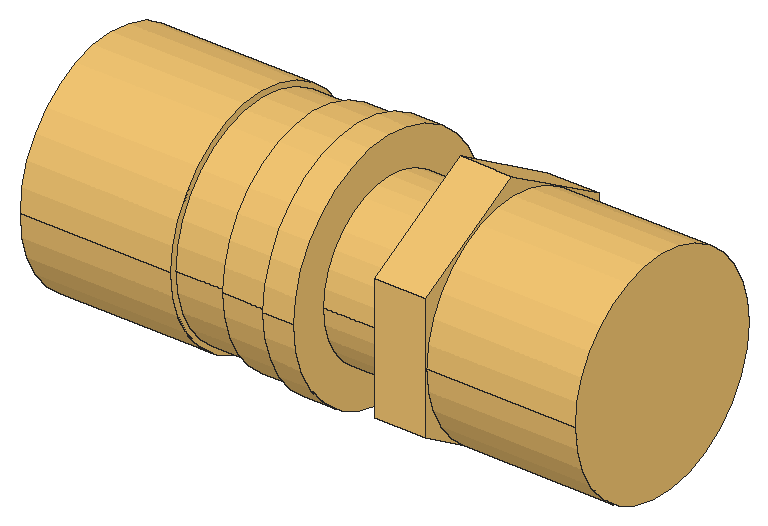
Revit family "VTm.401.BG", category Соединительные детали трубопроводов, Revit 2019
Family settings
  Размер круглого соединителя = Использовать диаметр
  Тип детали = Переход
  На основе рабочей плоскости = Нет
  Всегда вертикально = Да
  При загрузке вырезать с полостями = Нет
  Общий = Нет
Parameters
  Таблица = "VTm.401.BG"
  Стоимость = 0
  Описание = "Фитинг надвижной с переходом на наружную резьбу"  # constant formula
  Изготовитель = "VALTEC"  # constant formula
  Группа модели = "Аксиальные фитинги универсальные"  # constant formula
  msg [instance] = size_lookup(Таблица, "msg", 0 mm, Du1, Du2)  # 25 mm
  msf [instance] = size_lookup(Таблица, "msf", 0 mm, Du1, Du2)  # 44 mm
  d5 [instance] = d1 - 1 mm  # 21 mm
  d4 [instance] = d1 + 1 mm  # 23 mm
  d3 [instance] = size_lookup(Таблица, "d3", 0 mm, Du1, Du2)  # 16 mm
  d2 [instance] = size_lookup(Таблица, "d2", 0 mm, Du1, Du2)  # 21 mm
  d1 [instance] = size_lookup(Таблица, "d1", 0 mm, Du1, Du2)  # 22 mm
  b [instance] = size_lookup(Таблица, "b", 0 mm, Du1, Du2)  # 21 mm
  a [instance] = size_lookup(Таблица, "a", 0 mm, Du1, Du2)  # 5 mm
  URL = "https://valtec.ru/"
  L2 [instance] = size_lookup(Таблица, "L2", 0 mm, Du1, Du2)  # 24 mm
  L1 [instance] = size_lookup(Таблица, "L1", 0 mm, Du1, Du2)  # 3 mm
  L [instance] = size_lookup(Таблица, "L", 0 mm, Du1, Du2)  # 17 mm
  Du2 [instance] = 15 mm
  Du1 [instance] = 16 mm
  ADSK_Позиция [instance] = ""
  ADSK_Обозначение [instance] = "VTm.401.BG"  # constant formula
  ADSK_Наименование [instance] = size_lookup(Таблица, "", "Данный типоразмер отсутствует", Du1, Du2)  # "Фитинг аксиальный универсальный – фитинг надвижной с переходом на наружную резьбу 16 (2,2) мм х 1/2\""
  ADSK_Материал [instance] = Латунь CW614N
  ADSK_Масса_фитинга [instance] = msf / 1000 mm  # 0.044
  ADSK_Масса_гильзы [instance] = msg / 1000 mm  # 0.025
  ADSK_Код изделия - фитинг [instance] = size_lookup(Таблица, "Код продукта", "Данный типоразмер отсутствует", Du1, Du2)  # "VTm.401.BG.001604"
  ADSK_Код изделия - гильза [instance] = size_lookup(Таблица, "Код гильзы", "Данный типоразмер отсутствует", Du1, Du2)  # "VTm.400.BG.001622"
  ADSK_Завод-изготовитель [instance] = Изготовитель  # "VALTEC"
  ADSK_Единица измерения [instance] = "шт."  # constant formula
  ADSK_URL страницы изделия [instance] = "https://valtec.ru/catalog/sistemy_metallopolimernyh_i_polimernyh_truboprovodov/aksialnye_fitingi_universalnye/fiting_aksialnyj_universalnyj_fiting_nadvijnoj_s_perehodom_na_narujnuyu_rezbu.html"
  ADSK_URL документации изделия [instance] = "https://valtec.ru/document/technical/VTm.400.BG-0321.pdf"
Reference planes
  plane 1 "По центру (Вперед/Назад)": y = 0
  plane 2: z = 0
  plane 3 "По центру (Влево/Вправо)": x = 0
  plane 4: through (0, 74.532, -30.907) normal (0, 0.5, 0.866)
  plane 5: through (0, 0, 0) normal (0, 0.5, 0.866)
  plane 6: through (0, 64.032, -49.093) normal (0, 0.5, 0.866)
  plane 7: through (0, 0, 0) normal (0, 0.5, -0.866)
  plane 8: through (0, -152.474, -75.907) normal (0, 0.5, -0.866)
  plane 9: through (0, -331.029, -203.244) normal (0, 0.5, -0.866)
  plane 10: y = 10.5
  plane 11: y = -10.5
  plane 12: x = -2.5
  plane 13: x = 2.5
  plane 14: x = 17
  plane 15: x = -9.5
  plane 16: x = -12.5
  plane 17: x = -16.839
  plane 18: x = -36.5
  plane 19: x = -21.839
Forms (mm)
  Extrusion 1, solid, material "Латунь CW614N" <- "ADSK_Материал", detail levels fine
    sketch origin (0, 0, 0) x (0, 1, 0) y (0, 0, 1)
      loop
        line (0, 12.124) -> (-10.5, 6.062) -> (-10.5, -6.062) -> (0, -12.124) -> (10.5, -6.062) -> (10.5, 6.062) -> (0, 12.124)
    from -2.5 to 2.5
  Extrusion 2, solid, material "Латунь CW614N" <- "ADSK_Материал", detail levels fine
    sketch origin (0, 0, 0) x (0, 1, 0) y (0, 0, 1)
      loop
        circle (0.052, -0.067) r 10.5
    from 2.5 to 17
  Extrusion 3, solid, material "Латунь CW614N" <- "ADSK_Материал", detail levels fine
    sketch origin (0, 0, 0) x (0, 1, 0) y (0, 0, 1)
      loop
        circle (0, 0) r 8
    from -9.5 to -2.5
  Extrusion 4, solid, material "Латунь CW614N" <- "ADSK_Материал", detail levels fine
    sketch origin (0, 0, 0) x (0, 1, 0) y (0, 0, 1)
      loop
        circle (0, 0) r 11.5
    from -12.5 to -9.5
  Extrusion 5, solid, material "Латунь CW614N" <- "ADSK_Материал", detail levels fine
    sketch origin (0, 0, 0) x (0, 1, 0) y (0, 0, 1)
      loop
        circle (0, 0) r 11
    from -16.839 to -12.5
  Extrusion 6, solid, material "Латунь CW614N" <- "ADSK_Материал", detail levels fine
    sketch origin (0, 0, 0) x (0, 1, 0) y (0, 0, 1)
      loop
        circle (0, 0) r 10.5
    from -21.839 to -16.839
  Extrusion 7, solid, material "Латунь CW614N" <- "ADSK_Материал", detail levels fine
    sketch origin (0, 0, 0) x (0, 1, 0) y (0, 0, 1)
      loop
        circle (0, 0) r 11
    from -36.5 to -21.839
Dimensions and locks
  equal spacing: plane 4, plane 5, plane 6
  "b": plane 4 to plane 6
  equal spacing: plane 9, plane 7, plane 8
  "b": plane 9 to plane 8
  equal spacing: plane 10, plane 1 "По центру (Вперед/Назад)", plane 11
  "b": plane 10 to plane 11
  equal spacing: plane 12, plane 3 "По центру (Влево/Вправо)", plane 13
  "a": plane 12 to plane 13
  "L": plane 3 "По центру (Влево/Вправо)" to plane 14
  plane 4 to Extrusion 1 = 21 mm
  locked: plane 15 to plane 12 at 7
  "L1": plane 16 to plane 15
  "L2": plane 18 to plane 16
  locked: plane 17 to plane 16 at 4.339
  locked: plane 19 to plane 17 at 5
  locked: Extrusion 2 sketch curve to Extrusion 2 sketch curve (diameter 21 mm)
  "d2": diameter of Extrusion 2
  "d3": diameter of Extrusion 3 sketch curve
  "d4": diameter of Extrusion 4 sketch curve
  "d1": diameter of Extrusion 5 sketch curve
  "d5": diameter of Extrusion 6 sketch curve
  "d1": diameter of Extrusion 7 sketch curve
  aligned and locked: level to plane 2
  aligned and locked: plane 4 to Extrusion 1 sketch curve
  aligned and locked: Extrusion 1 sketch curve to plane 10
  aligned and locked: plane 9 to Extrusion 1 sketch curve
  aligned and locked: Extrusion 1 sketch curve to plane 6
  aligned and locked: plane 11 to Extrusion 1 sketch curve
  aligned and locked: Extrusion 1 sketch curve to plane 8
  aligned and locked: plane 12 to Extrusion 1
  aligned and locked: plane 13 to Extrusion 1
  aligned and locked: Extrusion 2 to Extrusion 1
  aligned and locked: Extrusion 2 to plane 14
  aligned and locked: Extrusion 3 to plane 15
  aligned and locked: Extrusion 3 to Extrusion 1
  aligned and locked: Extrusion 4 to plane 16
  aligned and locked: plane 15 to Extrusion 4
  aligned and locked: Extrusion 5 to plane 17
  aligned and locked: plane 16 to Extrusion 5
  aligned and locked: Extrusion 6 to plane 19
  aligned and locked: plane 17 to Extrusion 6
  aligned and locked: Extrusion 7 to plane 18
  aligned and locked: plane 19 to Extrusion 7
  aligned and locked: plane 1 "По центру (Вперед/Назад)" to nested 1
Automatic sketch dimensions
  Extrusion 2 sketch curve to plane 1 "По центру (Вперед/Назад)" = 0.052 mm
  Extrusion 2 sketch curve to level = 0.067 mm
  Extrusion 3 sketch curve to level = 0 mm
  Extrusion 3 sketch curve to plane 1 "По центру (Вперед/Назад)" = 0 mm
  Extrusion 4 sketch curve to level = 0 mm
  Extrusion 4 sketch curve to plane 1 "По центру (Вперед/Назад)" = 0 mm
  Extrusion 5 sketch curve to level = 0 mm
  Extrusion 5 sketch curve to plane 1 "По центру (Вперед/Назад)" = 0 mm
  Extrusion 6 sketch curve to level = 0 mm
  Extrusion 6 sketch curve to plane 1 "По центру (Вперед/Назад)" = 0 mm
  Extrusion 7 sketch curve to level = 0 mm
  Extrusion 7 sketch curve to plane 1 "По центру (Вперед/Назад)" = 0 mm
Nested families
  nested 1: "условный вид" at (-2.5, 0, 0), type "условный вид", detail levels coarse+medium
    with Ширина 15 mm, Длинна 20 mm
Connectors
  piping at (2.5, 0.052, -0.067), diameter 15, driven by "Du2"
    settings: on Extrusion 2, index 1, connector inside diameter 609.6 mm, connector length 0 mm, flow factor 0, pipe flow 0.0 L/s, pressure drop 0.0 Pa, fitting loss kfactor 0, connector angle 0.00°, fixture units 0, engagement length 0 mm, angle of deflection 0.00°, flow configuration 0, flow direction 0, fitting loss method 0, system type 28, joint type 0, gender type 0, connector reference index -1, connector utility 0, adjustable connector no, is connector primary no, connector description ""
  piping at (-12.5, 0, 0), diameter 16, driven by "Du1"
    settings: on Extrusion 4, index 2, connector inside diameter 609.6 mm, connector length 0 mm, flow factor 0, pipe flow 0.0 L/s, pressure drop 0.0 Pa, fitting loss kfactor 0, connector angle 0.00°, fixture units 0, engagement length 0 mm, angle of deflection 0.00°, flow configuration 0, flow direction 0, fitting loss method 0, system type 29, joint type 0, gender type 0, connector reference index -1, connector utility 0, adjustable connector no, is connector primary yes, connector description ""
Definition of nested family "условный вид"
  Parameters (values of type "условный вид")
    Ширина [instance] = 15 mm
    Длинна [instance] = 20 mm
  Reference planes
    plane 1: y = 0
    plane 2: x = 0
  Lines and regions (mm)
    Filled region 1, type "Цветовая область 1"
      outline origin (0, 0, 0) x (1, 0, 0) y (0, 1, 0)
        loop
          line (9.996, -0.013) -> (-10, 9.311) -> (-10, -9.337) -> (9.996, -0.013)
    Filled region 2, type "Цветовая область 1"
      outline origin (0, 0, 0) x (1, 0, 0) y (0, 1, 0)
        loop
          line (9.996, -0.013) -> (-10, 9.311) -> (-10, -9.337) -> (9.996, -0.013)
    reference lines
      curve 1: line (-10, 12.871, 0) -> (-10, -9.337, 0)
      curve 2: line (10, 15.001, 0) -> (10, -15.037, 0)
      curve 4: line (-10, 9.311, 0) -> (10, -0.015, 0)
      curve 5: line (10, -0.012, 0) -> (-10, -9.337, 0)
    detail lines
      curve 3: line (-10, 9.311, 0) -> (-10, -9.337, 0)
      curve 6: line (9.996, -0.013, 0) -> (-10, 9.311, 0)
      curve 7: line (9.996, -0.013, 0) -> (-10, -9.337, 0)
  Dimensions and locks
    equal spacing: curve 1, plane 2, curve 2
    "Длинна": curve 1 to curve 2
    aligned and locked: curve 5 to curve 7
    aligned and locked: curve 6 to curve 4
    aligned and locked: Filled region 1 sketch curve to curve 6
    aligned and locked: Filled region 1 sketch curve to curve 7
    aligned and locked: Filled region 1 sketch curve to curve 3
    aligned and locked: Filled region 2 sketch curve to curve 6
    aligned and locked: Filled region 2 sketch curve to curve 7
    aligned and locked: Filled region 2 sketch curve to curve 3
  Automatic sketch dimensions
    curve 6 to plane 1 = 9.311 mm
    plane 1 to curve 5 = 9.337 mm
    plane 1 to curve 2 = 15.037 mm
    plane 1 to curve 4 = 0.015 mm
    curve 4 to curve 5 = 0.003 mm
    curve 4 to plane 1 = 9.311 mm
    curve 4 to curve 1 = 3.56 mm
    curve 2 to plane 1 = 15.001 mm
